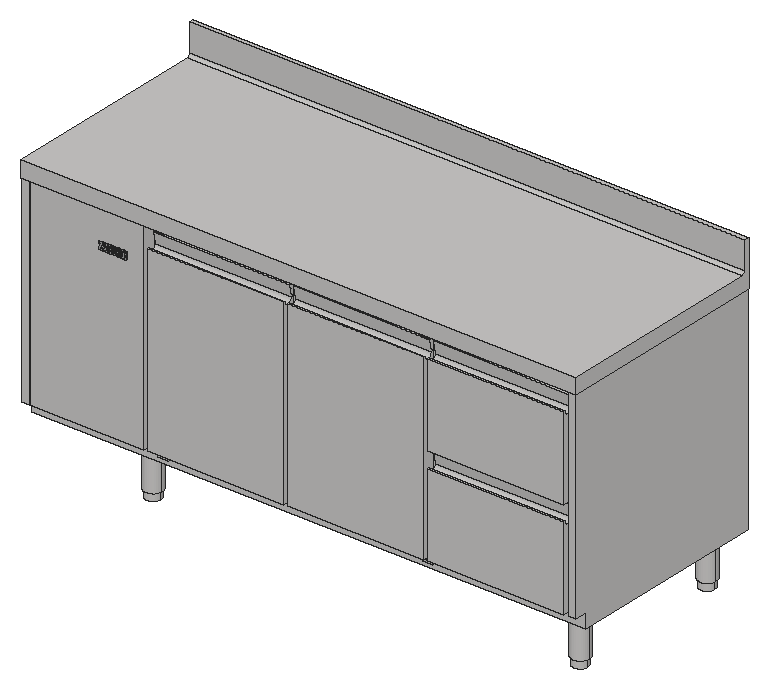
Revit family "QF_ZANUSSI_111042_ZH3H3AAB", category Specialty Equipment, Revit 2018
Family settings
  Round Connector Dimension = Use Diameter
  Part Type = Normal
  Work Plane-Based = No
  Always vertical = Yes
  Cut with Voids When Loaded = No
  Shared = No
  Room Calculation Point = No
Parameters
  Weight = 0.00 kg
  Watts = 0.0232258 W
  Volts = 220 V
  URL Manufacturer = "http://www.zanussiprofessional.com/"
  URL = "http://www.zanussiprofessional.com/"
  Steam Supply Size = 0 mm
  Steam Supply Minimum Pressure = 0.0 Pa
  Steam Supply Maximum Pressure = 0.0 Pa
  Steam Pounds per Hour = 0
  Show Logo [instance] = yes
  Show Clearance [instance] = yes
  Refrigeration Suction Line Size = 0 mm
  Refrigeration Liquid Line Size = 0 mm
  Refrigerant Compressor Remote = yes
  Manufacturer = "Zanussi"
  Phase = 1
  Model = "ZH3H3AAB"
  Length Actual = 1799 mm  # constant formula
  Item Number = "111042"
  Hot Water Size = 0 mm
  Height Actual = 1000 mm  # constant formula
  HP = "0.3 HP"
  Gas Size = 0 mm
  Gas KW = 0
  Gas Input Pressure = 0 W
  Description = "2DOORS+2DRAWERS REFR.TABLE 440L-SPLASHB"
  Depth Actual = 700 mm  # constant formula
  Cycle = 50 Hz
  Condensate Return Size = 0 mm
  Compressed Air Volume = 0.0 L/s
  Compressed Air Size = 0 mm
  Compressed Air Pressure = 0.0 Pa
  Cold Water Size = 0 mm
  Accessory = yes
Reference planes
  plane 1 "Center X": y = 182.5
  plane 2: z = 0
  plane 3 "Center Y": x = -353.5
  plane 4: y = -62.5
  plane 5: y = 451.5
  plane 6 "BACK": y = 532.5
  plane 7 "FRONT": y = -167.5
  plane 8: x = -906
  plane 9: x = 478
  plane 10: z = 150
  plane 11 "TOP": z = 900
  plane 12: z = 850
  plane 13 "LEFT": x = -1251
  plane 14 "RIGHT": x = 544
  plane 15: x = -1253
  plane 16: x = 546
Forms (mm)
  Extrusion 1, solid, material "QF_Finishes_Stainless Steel"
    sketch origin (-353.5, 2, 0) x (0, 1, 0) y (0, 0, 1)
      loop
        line (530.5, 150) -> (530.5, 850) -> (-124.5, 850) -> (-124.5, 150) -> (530.5, 150)
    from -897.5 to 897.5
  Extrusion 2, solid, material "QF_Finishes_Stainless Steel"
    sketch origin (-1022.223, -1524, 150) x (-1, 0, 0) y (0, -1, 0)
      loop
        line (228.777, -1361.5) -> (203.777, -1361.5) -> (203.777, -1401.5) -> (228.777, -1401.5) -> (228.777, -1361.5)
      loop
        line (-1566.223, -1401.5) -> (-1541.223, -1401.5) -> (-1541.223, -1361.5) -> (-1566.223, -1361.5) -> (-1566.223, -1401.5)
    from 47 to 700
  Extrusion 3, solid, material "QF_Finishes_Stainless Steel"
    sketch origin (0, 0, 900) x (-1, 0, 0) y (0, -1, 0)
      loop
        circle (170, -94.5) r 8.45
    from -790.577 to -750
  Extrusion 4, solid, material "QF_Finishes_Stainless Steel"
    sketch origin (0, 0, 0) x (1, 0, 0) y (0, 1, 0)
      loop
        circle (-1167, 451.5) r 4
    from 109.423 to 150
  Extrusion 5, solid, material "QF_Finishes_Stainless Steel"
    sketch origin (-126.5, 0, 0) x (0, 1, 0) y (0, 0, 1)
      loop
        line (-167.5, 900) -> (-167.5, 850) -> (532.5, 850) -> (532.5, 1000) -> (519.5, 1000) -> (519.5, 910)
        arc (519.5, 910) -> (516.571, 902.929) -> (509.5, 900) r 10
        line (509.5, 900) -> (-167.5, 900)
    from 672.5 to -1126.5
Cuts and joins
  joined: Extrusion 1, Extrusion 2
Lines and regions (mm)
  symbolic lines, style "SpecialityEquipmentHiddenLines"
    curve 1: line (-1253, -122.5, 900) -> (546, -122.5, 900)
    curve 2: line (-850, -167.5, 900) -> (-850, -122.5, 900)
  symbolic lines, style "SpecialityEquipment"
    curve 3: line (-1253, 532.5, 900) -> (546, 532.5, 900)
    curve 4: line (-1253, 532.5, 900) -> (-1253, -167.5, 900)
    curve 5: line (-1253, -167.5, 900) -> (546, -167.5, 900)
    curve 6: line (546, -167.5, 900) -> (546, 532.5, 900)
    curve 7: line (-1253, 519.5, 900) -> (546, 519.5, 900)
Dimensions and locks
  locked: plane 6 "BACK" to plane 7 "FRONT" at 700
  equal spacing: plane 6 "BACK", plane 1 "Center X", plane 7 "FRONT"
  locked: plane 6 "BACK" to plane 5 at 81
  plane 10 to level = 150 mm
  plane 11 "TOP" to plane 12 to plane 10 = 50 mm locked, 700 mm locked
  locked: Extrusion 2 sketch curve to Extrusion 2 sketch curve at 25  (x2)
  locked: plane 4 to plane 7 "FRONT" at 105
  locked: plane 6 "BACK" to Extrusion 3 sketch curve at 438
  equal spacing: plane 13 "LEFT", plane 3 "Center Y", plane 14 "RIGHT"
  plane 15 to plane 16 = 1799 mm
  locked: plane 13 "LEFT" to plane 8 at 345
  locked: plane 9 to plane 14 "RIGHT" at 66
  Extrusion 3 sketch curve to plane 14 "RIGHT" = 714 mm
  plane 13 "LEFT" to Extrusion 4 sketch curve = 84 mm
  locked: plane 6 "BACK" to Extrusion 4 sketch curve at 81
  locked: plane 10 to Extrusion 4 at 40.577
  aligned and locked: level to plane 2
  aligned and locked: plane 10 to Extrusion 3
  aligned and locked: nested 4 to plane 4
  aligned and locked: nested 1 to plane 4
  aligned and locked: nested 3 to plane 5
  aligned and locked: nested 2 to plane 5
  aligned and locked: plane 8 to nested 1
  aligned and locked: plane 8 to nested 2
  aligned and locked: plane 9 to nested 4
  aligned and locked: plane 9 to nested 3
  aligned and locked: Extrusion 1 to Extrusion 2
  aligned and locked: Extrusion 2 to Extrusion 1
  aligned and locked: Extrusion 2 sketch curve to plane 14 "RIGHT"
  aligned and locked: plane 13 "LEFT" to Extrusion 2 sketch curve
  aligned and locked: cut or joined group of Extrusion 1, Extrusion 2 to plane 10
  aligned and locked: plane 12 to cut or joined group of Extrusion 1, Extrusion 2
  aligned and locked: plane 10 to Extrusion 4
Automatic sketch dimensions
  plane 7 "FRONT" to Extrusion 2 sketch curve = 45 mm  (x2)
  plane 7 "FRONT" to Extrusion 2 sketch curve = 5 mm  (x2)
  Extrusion 1 sketch curve to plane 10 = 0 mm
  Extrusion 1 sketch curve to plane 12 = 0 mm
  Extrusion 1 sketch curve to plane 6 "BACK" = 0 mm
  plane 7 "FRONT" to Extrusion 1 sketch curve = 45 mm
  Extrusion 5 sketch curve to plane 7 "FRONT" = 0 mm
  Extrusion 5 sketch curve to plane 11 "TOP" = 0 mm
  Extrusion 5 sketch curve to plane 6 "BACK" = 0 mm
  Extrusion 5 sketch curve to plane 12 = 0 mm
  plane 11 "TOP" to Extrusion 5 sketch curve = 10 mm
  Extrusion 5 sketch curve to plane 6 "BACK" = 23 mm
  Extrusion 5 sketch curve to Extrusion 5 sketch curve = 90 mm
  curve 7 to plane 16 = 0 mm
  curve 2 to plane 7 "FRONT" = 0 mm
  curve 5 to plane 15 = 0 mm
  curve 3 to plane 6 "BACK" = 0 mm
  plane 8 to curve 2 = 56 mm
  curve 3 to curve 7 = 13 mm
  curve 1 to curve 4 = 45 mm
  radius of Extrusion 3 sketch curve = 8.45 mm
  radius of Extrusion 4 sketch curve = 4 mm
Nested families
  nested 1: "Foot_Ø50_H150" at (-906, -62.5, 0), type "Foot_Ø50_H150"
  nested 2: "Foot_Ø50_H150" at (-906, 451.5, 0), type "Foot_Ø50_H150"
  nested 3: "Foot_Ø50_H150" at (478, 451.5, 0), type "Foot_Ø50_H150"
  nested 4: "Foot_Ø50_H150" at (478, -62.5, 0), type "Foot_Ø50_H150"
  nested 5: "2 Drawers" at (285, -164.5, 0), Show Clearance <- "Show Clearance", type "2 Drawers"
  nested 6: "Door" at (-169, -164.5, 0), Show Clearance <- "Show Clearance", type "Door"
  nested 7: "Refrigerator" at (544, -167.5, 900), type "Refrigerator"
  nested 8: "ZAN_Cooling Unit" at (-1041.5, -164.5, 0), Show Logo <- "Show Logo", type "ZAN_Cooling Unit"
  nested 9: "Door" at (-623, -164.5, 0) x (-1, 0, 0) z (0, 0, 1), Show Clearance <- "Show Clearance", type "Door"
Connectors
  electrical at (-1167, 451.5, 109.423), driven by "Volts"
    settings: on Extrusion 4, index 4, voltage 220 V, apparent load 0 VA, apparent load phase1 0 VA, apparent load phase2 0 VA, apparent load phase3 0 VA, power factor 1, load classification "Altro", number of poles 1, system type 30, power factor state 1, is connector primary yes, connector utility no, sub classification motor no, connector description "Electrical Connection"
  piping at (-170, 94.5, 109.423), diameter 17
    settings: on Extrusion 3, index 5, connector inside diameter 609.6 mm, connector length 0 mm, flow factor 0, pipe flow 0.0 L/s, pressure drop 0.0 Pa, fitting loss kfactor 0, connector angle 0.00°, fixture units 0, engagement length 0 mm, angle of deflection 0.00°, flow configuration 1, flow direction 2, fitting loss method 0, system type 16, joint type 0, gender type 0, connector reference index -1, connector utility 0, adjustable connector no, is connector primary yes, connector description "Drain"
Definition of nested family "Foot_Ø50_H150"
  Reference planes
    plane 1 "Centro (Fronte/Retro)": y = 0
    plane 2: z = 0
    plane 3 "Centro (Sinistra/Destra)": x = 0
    plane 4: z = 150
  Forms (mm)
    Revolve 1, solid
      sketch origin (255.05, 0, 608.09) x (0, 0, 1) y (-1, 0, 0)
        loop
          line (-608.09, 255.05) -> (-608.09, 230.05) -> (-583.09, 230.05) -> (-583.09, 226.05) -> (-458.09, 226.05) -> (-458.09, 255.05) -> (-608.09, 255.05)
        axis (-608.09, 255.05) -> (-458.09, 255.05)
      angle from 0 to 360
  Dimensions and locks
    locked: Revolve 1 sketch curve to Revolve 1 sketch curve at 125
    aligned and locked: level to plane 2
    aligned and locked: plane 4 to Revolve 1 sketch curve
    aligned and locked: Revolve 1 sketch curve to level
    aligned and locked: plane 3 "Centro (Sinistra/Destra)" to Revolve 1 sketch curve
Definition of nested family "2 Drawers"
  Parameters
    Show Clearance [instance] = yes
  Reference planes
    plane 1 "FRONT": y = -3
    plane 2: z = 0
    plane 3 "Centro (Sinistra/Destra)": x = 0
    plane 4: z = 150
    plane 5: z = 850
    plane 6: x = -234
    plane 7: x = 234
    plane 8: x = -220
    plane 9: x = 220
  Forms (mm)
    Extrusion 1, solid
      sketch origin (0, 55, 511) x (0, 0, 1) y (0, -1, 0)
        loop
          line (314, 18) -> (314, 29) -> (274.395, 22.5)
          arc (274.395, 22.5) -> (260.395, 36.5) -> (274.395, 50.5) r 14
          line (274.395, 50.5) -> (274.395, 53) -> (5, 53) -> (5, 18) -> (314, 18)
        loop
          line (-5, 29) -> (-44.605, 22.5)
          arc (-44.605, 22.5) -> (-58.605, 36.5) -> (-44.605, 50.5) r 14
          line (-44.605, 50.5) -> (-44.605, 53) -> (-314, 53) -> (-314, 18) -> (-5, 18) -> (-5, 29)
      from -220 to 220
    Extrusion 2, solid, visible <- "Show Clearance", detail levels coarse
      sketch origin (0, -462, 511) x (0, 0, 1) y (0, -1, 0)
        loop
          line (-314, 109) -> (-314, -464) -> (-5, -464) -> (-5, 109) -> (-314, 109)
        loop
          line (314, -464) -> (314, 109) -> (5, 109) -> (5, -464) -> (314, -464)
      from -220 to 220
  Lines and regions (mm)
    symbolic lines
      curve 1: line (-190, -3, 0) -> (-190, -88, 0)
      curve 2: line (190, -88, 0) -> (190, -3, 0)
      curve 3: line (220, -88, 0) -> (-220, -88, 0)
      curve 4: line (-220, -88, 0) -> (-220, -123, 0)
      curve 5: line (-220, -123, 0) -> (220, -123, 0)
      curve 6: line (220, -123, 0) -> (220, -88, 0)
      curve 7: line (-190, -123, 0) -> (-190, -208, 0)
      curve 8: line (220, -208, 0) -> (-220, -208, 0)
      curve 9: line (-220, -208, 0) -> (-220, -243, 0)
      curve 10: line (-220, -243, 0) -> (220, -243, 0)
      curve 11: line (220, -243, 0) -> (220, -208, 0)
      curve 12: line (190, -208, 0) -> (190, -123, 0)
  Dimensions and locks
    aligned and locked: level to plane 2
Definition of nested family "Door"
  Parameters
    Show Clearance [instance] = yes
  Reference planes
    plane 1 "FRONT": y = -3
    plane 2: z = 0
    plane 3 "Centro (Sinistra/Destra)": x = 0
    plane 4: z = 150
    plane 5: z = 850
    plane 6: x = -234
    plane 7: x = 234
    plane 8: x = -220
    plane 9: x = 220
  Forms (mm)
    Extrusion 1, solid
      sketch origin (0, 53, 511) x (0, 0, 1) y (0, -1, 0)
        loop
          line (-323.003, 28.5) -> (-316.501, 28.5) -> (-316.501, 31) -> (-325.503, 31) -> (-325.503, 13.5) -> (-345.503, 13.5) -> (-345.503, 11) -> (-323.003, 11) -> (-323.003, 23.259) -> (-323.003, 28.5)
        loop
          line (-314, 27) -> (-316.501, 27) -> (-316.501, 18.501) -> (-319.752, 18.501) -> (-319.752, 16) -> (-314, 16) -> (-314, 27)
        loop
          line (315.003, 27) -> (315.003, 13.948) -> (315.003, 11) -> (327.503, 11) -> (327.503, 13.5) -> (317.503, 13.5) -> (317.503, 27) -> (315.003, 27)
      from 185 to 220
    Extrusion 2, solid, visible <- "Show Clearance", detail levels coarse
      sketch origin (0, 53, 511) x (0, -1, 0) y (1, 0, 0)
        loop
          line (51, 220) -> (51, -220)
          arc (51, -220) -> (339.234, -79.44) -> (454, 220) r 437.168
          line (454, 220) -> (51, 220)
      from -314 to 314
    Extrusion 3, solid
      sketch origin (0, 55, 511) x (0, 0, 1) y (0, -1, 0)
        loop
          line (314, 18) -> (314, 29) -> (274.395, 22.5)
          arc (274.395, 22.5) -> (260.395, 36.5) -> (274.395, 50.5) r 14
          line (274.395, 50.5) -> (274.395, 53) -> (-314, 53) -> (-314, 18) -> (314, 18)
      from -220 to 220
  Lines and regions (mm)
    symbolic lines
      curve 1: line (220, -3, 0) -> (220, -401, 0)
      curve 2: line (220, -401, 0) -> (185, -401, 0)
      curve 3: line (185, -401, 0) -> (185, -3, 0)
      curve 4: arc (-219.722, -3, 0) -> (-89.51, -275.368, 0) -> (185, -401, 0) r 442.855
  Dimensions and locks
    aligned and locked: level to plane 2
Definition of nested family "ZAN_Cooling Unit"
  Parameters
    Show Logo [instance] = yes
  Reference planes
    plane 1 "FRONT": y = -3
    plane 2: z = 0
    plane 3 "Centro (Sinistra/Destra)": x = 0
    plane 4: z = 150
    plane 5: z = 850
    plane 6: x = -184.5
    plane 7: x = 184.5
  Forms (mm)
    Extrusion 1, solid
      sketch origin (0, 55, 511) x (0, 0, 1) y (0, -1, 0)
        loop
          line (-314, 53) -> (-314, 13) -> (339, 13) -> (339, 53) -> (-314, 53)
      from -184.5 to 184.5
  Lines and regions (mm)
    Split face 1
      outline origin (0, 2, 197) x (0, 0, 1) y (-1, 0, 0)
        loop
          line (566.835, 184.5) -> (566.835, -184.5)
        loop
          line (521.835, 184.5) -> (521.835, -184.5)
    Split face 2
      outline origin (0, 2, 197) x (0, 0, 1) y (-1, 0, 0)
        loop
          arc (510.649, 158.547) -> (506.648, 162.548) -> (502.647, 158.547) r 4.001
          line (502.647, 158.547) -> (502.647, 116.535)
          arc (502.647, 116.535) -> (506.648, 112.533) -> (510.649, 116.535) r 4.001
          line (510.649, 116.535) -> (510.649, 158.547)
    Split face 3
      outline origin (0, 2, 184.996) x (0, 0, 1) y (-1, 0, 0)
        loop
          arc (510.649, 158.547) -> (506.648, 162.548) -> (502.647, 158.547) r 4.001
          line (502.647, 158.547) -> (502.647, 116.535)
          arc (502.647, 116.535) -> (506.648, 112.533) -> (510.649, 116.535) r 4.001
          line (510.649, 116.535) -> (510.649, 158.547)
    Split face 4
      outline origin (0, 2, 172.993) x (0, 0, 1) y (-1, 0, 0)
        loop
          arc (510.649, 158.547) -> (506.648, 162.548) -> (502.647, 158.547) r 4.001
          line (502.647, 158.547) -> (502.647, 116.535)
          arc (502.647, 116.535) -> (506.648, 112.533) -> (510.649, 116.535) r 4.001
          line (510.649, 116.535) -> (510.649, 158.547)
    Split face 5
      outline origin (0, 2, 160.989) x (0, 0, 1) y (-1, 0, 0)
        loop
          arc (510.649, 158.547) -> (506.648, 162.548) -> (502.647, 158.547) r 4.001
          line (502.647, 158.547) -> (502.647, 116.535)
          arc (502.647, 116.535) -> (506.648, 112.533) -> (510.649, 116.535) r 4.001
          line (510.649, 116.535) -> (510.649, 158.547)
    Split face 6
      outline origin (0, 2, 148.986) x (0, 0, 1) y (-1, 0, 0)
        loop
          arc (510.649, 158.547) -> (506.648, 162.548) -> (502.647, 158.547) r 4.001
          line (502.647, 158.547) -> (502.647, 116.535)
          arc (502.647, 116.535) -> (506.648, 112.533) -> (510.649, 116.535) r 4.001
          line (510.649, 116.535) -> (510.649, 158.547)
    Split face 7
      outline origin (0, 2, 136.982) x (0, 0, 1) y (-1, 0, 0)
        loop
          arc (510.649, 158.547) -> (506.648, 162.548) -> (502.647, 158.547) r 4.001
          line (502.647, 158.547) -> (502.647, 116.535)
          arc (502.647, 116.535) -> (506.648, 112.533) -> (510.649, 116.535) r 4.001
          line (510.649, 116.535) -> (510.649, 158.547)
    Split face 8
      outline origin (0, 2, 124.979) x (0, 0, 1) y (-1, 0, 0)
        loop
          arc (510.649, 158.547) -> (506.648, 162.548) -> (502.647, 158.547) r 4.001
          line (502.647, 158.547) -> (502.647, 116.535)
          arc (502.647, 116.535) -> (506.648, 112.533) -> (510.649, 116.535) r 4.001
          line (510.649, 116.535) -> (510.649, 158.547)
    Split face 9
      outline origin (0, 2, 112.975) x (0, 0, 1) y (-1, 0, 0)
        loop
          arc (510.649, 158.547) -> (506.648, 162.548) -> (502.647, 158.547) r 4.001
          line (502.647, 158.547) -> (502.647, 116.535)
          arc (502.647, 116.535) -> (506.648, 112.533) -> (510.649, 116.535) r 4.001
          line (510.649, 116.535) -> (510.649, 158.547)
    Split face 10
      outline origin (0, 2, 100.972) x (0, 0, 1) y (-1, 0, 0)
        loop
          arc (510.649, 158.547) -> (506.648, 162.548) -> (502.647, 158.547) r 4.001
          line (502.647, 158.547) -> (502.647, 116.535)
          arc (502.647, 116.535) -> (506.648, 112.533) -> (510.649, 116.535) r 4.001
          line (510.649, 116.535) -> (510.649, 158.547)
    Split face 11
      outline origin (0, 2, 88.968) x (0, 0, 1) y (-1, 0, 0)
        loop
          arc (510.649, 158.547) -> (506.648, 162.548) -> (502.647, 158.547) r 4.001
          line (502.647, 158.547) -> (502.647, 116.535)
          arc (502.647, 116.535) -> (506.648, 112.533) -> (510.649, 116.535) r 4.001
          line (510.649, 116.535) -> (510.649, 158.547)
    Split face 12
      outline origin (0, 2, 76.965) x (0, 0, 1) y (-1, 0, 0)
        loop
          arc (510.649, 158.547) -> (506.648, 162.548) -> (502.647, 158.547) r 4.001
          line (502.647, 158.547) -> (502.647, 116.535)
          arc (502.647, 116.535) -> (506.648, 112.533) -> (510.649, 116.535) r 4.001
          line (510.649, 116.535) -> (510.649, 158.547)
    Split face 13
      outline origin (0, 2, 64.961) x (0, 0, 1) y (-1, 0, 0)
        loop
          arc (510.649, 158.547) -> (506.648, 162.548) -> (502.647, 158.547) r 4.001
          line (502.647, 158.547) -> (502.647, 116.535)
          arc (502.647, 116.535) -> (506.648, 112.533) -> (510.649, 116.535) r 4.001
          line (510.649, 116.535) -> (510.649, 158.547)
    Split face 14
      outline origin (0, 2, 52.958) x (0, 0, 1) y (-1, 0, 0)
        loop
          arc (510.649, 158.547) -> (506.648, 162.548) -> (502.647, 158.547) r 4.001
          line (502.647, 158.547) -> (502.647, 116.535)
          arc (502.647, 116.535) -> (506.648, 112.533) -> (510.649, 116.535) r 4.001
          line (510.649, 116.535) -> (510.649, 158.547)
    Split face 15
      outline origin (0, 2, 40.954) x (0, 0, 1) y (-1, 0, 0)
        loop
          arc (510.649, 158.547) -> (506.648, 162.548) -> (502.647, 158.547) r 4.001
          line (502.647, 158.547) -> (502.647, 116.535)
          arc (502.647, 116.535) -> (506.648, 112.533) -> (510.649, 116.535) r 4.001
          line (510.649, 116.535) -> (510.649, 158.547)
    Split face 16
      outline origin (0, 2, 28.951) x (0, 0, 1) y (-1, 0, 0)
        loop
          arc (510.649, 158.547) -> (506.648, 162.548) -> (502.647, 158.547) r 4.001
          line (502.647, 158.547) -> (502.647, 116.535)
          arc (502.647, 116.535) -> (506.648, 112.533) -> (510.649, 116.535) r 4.001
          line (510.649, 116.535) -> (510.649, 158.547)
    Split face 17
      outline origin (0, 2, 16.947) x (0, 0, 1) y (-1, 0, 0)
        loop
          arc (510.649, 158.547) -> (506.648, 162.548) -> (502.647, 158.547) r 4.001
          line (502.647, 158.547) -> (502.647, 116.535)
          arc (502.647, 116.535) -> (506.648, 112.533) -> (510.649, 116.535) r 4.001
          line (510.649, 116.535) -> (510.649, 158.547)
    Split face 18
      outline origin (55.016, 2, 197) x (0, 0, 1) y (-1, 0, 0)
        loop
          arc (510.649, 158.547) -> (506.648, 162.548) -> (502.647, 158.547) r 4.001
          line (502.647, 158.547) -> (502.647, 116.535)
          arc (502.647, 116.535) -> (506.648, 112.533) -> (510.649, 116.535) r 4.001
          line (510.649, 116.535) -> (510.649, 158.547)
    Split face 19
      outline origin (55.016, 2, 184.996) x (0, 0, 1) y (-1, 0, 0)
        loop
          arc (510.649, 158.547) -> (506.648, 162.548) -> (502.647, 158.547) r 4.001
          line (502.647, 158.547) -> (502.647, 116.535)
          arc (502.647, 116.535) -> (506.648, 112.533) -> (510.649, 116.535) r 4.001
          line (510.649, 116.535) -> (510.649, 158.547)
    Split face 20
      outline origin (55.016, 2, 172.993) x (0, 0, 1) y (-1, 0, 0)
        loop
          arc (510.649, 158.547) -> (506.648, 162.548) -> (502.647, 158.547) r 4.001
          line (502.647, 158.547) -> (502.647, 116.535)
          arc (502.647, 116.535) -> (506.648, 112.533) -> (510.649, 116.535) r 4.001
          line (510.649, 116.535) -> (510.649, 158.547)
    Split face 21
      outline origin (55.016, 2, 160.989) x (0, 0, 1) y (-1, 0, 0)
        loop
          arc (510.649, 158.547) -> (506.648, 162.548) -> (502.647, 158.547) r 4.001
          line (502.647, 158.547) -> (502.647, 116.535)
          arc (502.647, 116.535) -> (506.648, 112.533) -> (510.649, 116.535) r 4.001
          line (510.649, 116.535) -> (510.649, 158.547)
    Split face 22
      outline origin (55.016, 2, 148.986) x (0, 0, 1) y (-1, 0, 0)
        loop
          arc (510.649, 158.547) -> (506.648, 162.548) -> (502.647, 158.547) r 4.001
          line (502.647, 158.547) -> (502.647, 116.535)
          arc (502.647, 116.535) -> (506.648, 112.533) -> (510.649, 116.535) r 4.001
          line (510.649, 116.535) -> (510.649, 158.547)
    Split face 23
      outline origin (55.016, 2, 136.982) x (0, 0, 1) y (-1, 0, 0)
        loop
          arc (510.649, 158.547) -> (506.648, 162.548) -> (502.647, 158.547) r 4.001
          line (502.647, 158.547) -> (502.647, 116.535)
          arc (502.647, 116.535) -> (506.648, 112.533) -> (510.649, 116.535) r 4.001
          line (510.649, 116.535) -> (510.649, 158.547)
    Split face 24
      outline origin (55.016, 2, 124.979) x (0, 0, 1) y (-1, 0, 0)
        loop
          arc (510.649, 158.547) -> (506.648, 162.548) -> (502.647, 158.547) r 4.001
          line (502.647, 158.547) -> (502.647, 116.535)
          arc (502.647, 116.535) -> (506.648, 112.533) -> (510.649, 116.535) r 4.001
          line (510.649, 116.535) -> (510.649, 158.547)
    Split face 25
      outline origin (55.016, 2, 112.975) x (0, 0, 1) y (-1, 0, 0)
        loop
          arc (510.649, 158.547) -> (506.648, 162.548) -> (502.647, 158.547) r 4.001
          line (502.647, 158.547) -> (502.647, 116.535)
          arc (502.647, 116.535) -> (506.648, 112.533) -> (510.649, 116.535) r 4.001
          line (510.649, 116.535) -> (510.649, 158.547)
    Split face 26
      outline origin (55.016, 2, 100.972) x (0, 0, 1) y (-1, 0, 0)
        loop
          arc (510.649, 158.547) -> (506.648, 162.548) -> (502.647, 158.547) r 4.001
          line (502.647, 158.547) -> (502.647, 116.535)
          arc (502.647, 116.535) -> (506.648, 112.533) -> (510.649, 116.535) r 4.001
          line (510.649, 116.535) -> (510.649, 158.547)
    Split face 27
      outline origin (55.016, 2, 88.968) x (0, 0, 1) y (-1, 0, 0)
        loop
          arc (510.649, 158.547) -> (506.648, 162.548) -> (502.647, 158.547) r 4.001
          line (502.647, 158.547) -> (502.647, 116.535)
          arc (502.647, 116.535) -> (506.648, 112.533) -> (510.649, 116.535) r 4.001
          line (510.649, 116.535) -> (510.649, 158.547)
    Split face 28
      outline origin (55.016, 2, 76.965) x (0, 0, 1) y (-1, 0, 0)
        loop
          arc (510.649, 158.547) -> (506.648, 162.548) -> (502.647, 158.547) r 4.001
          line (502.647, 158.547) -> (502.647, 116.535)
          arc (502.647, 116.535) -> (506.648, 112.533) -> (510.649, 116.535) r 4.001
          line (510.649, 116.535) -> (510.649, 158.547)
    Split face 29
      outline origin (55.016, 2, 64.961) x (0, 0, 1) y (-1, 0, 0)
        loop
          arc (510.649, 158.547) -> (506.648, 162.548) -> (502.647, 158.547) r 4.001
          line (502.647, 158.547) -> (502.647, 116.535)
          arc (502.647, 116.535) -> (506.648, 112.533) -> (510.649, 116.535) r 4.001
          line (510.649, 116.535) -> (510.649, 158.547)
    Split face 30
      outline origin (55.016, 2, 52.958) x (0, 0, 1) y (-1, 0, 0)
        loop
          arc (510.649, 158.547) -> (506.648, 162.548) -> (502.647, 158.547) r 4.001
          line (502.647, 158.547) -> (502.647, 116.535)
          arc (502.647, 116.535) -> (506.648, 112.533) -> (510.649, 116.535) r 4.001
          line (510.649, 116.535) -> (510.649, 158.547)
    Split face 31
      outline origin (55.016, 2, 40.954) x (0, 0, 1) y (-1, 0, 0)
        loop
          arc (510.649, 158.547) -> (506.648, 162.548) -> (502.647, 158.547) r 4.001
          line (502.647, 158.547) -> (502.647, 116.535)
          arc (502.647, 116.535) -> (506.648, 112.533) -> (510.649, 116.535) r 4.001
          line (510.649, 116.535) -> (510.649, 158.547)
    Split face 32
      outline origin (55.016, 2, 28.951) x (0, 0, 1) y (-1, 0, 0)
        loop
          arc (510.649, 158.547) -> (506.648, 162.548) -> (502.647, 158.547) r 4.001
          line (502.647, 158.547) -> (502.647, 116.535)
          arc (502.647, 116.535) -> (506.648, 112.533) -> (510.649, 116.535) r 4.001
          line (510.649, 116.535) -> (510.649, 158.547)
    Split face 33
      outline origin (55.016, 2, 16.947) x (0, 0, 1) y (-1, 0, 0)
        loop
          arc (510.649, 158.547) -> (506.648, 162.548) -> (502.647, 158.547) r 4.001
          line (502.647, 158.547) -> (502.647, 116.535)
          arc (502.647, 116.535) -> (506.648, 112.533) -> (510.649, 116.535) r 4.001
          line (510.649, 116.535) -> (510.649, 158.547)
    Split face 34
      outline origin (110.032, 2, 197) x (0, 0, 1) y (-1, 0, 0)
        loop
          arc (510.649, 158.547) -> (506.648, 162.548) -> (502.647, 158.547) r 4.001
          line (502.647, 158.547) -> (502.647, 116.535)
          arc (502.647, 116.535) -> (506.648, 112.533) -> (510.649, 116.535) r 4.001
          line (510.649, 116.535) -> (510.649, 158.547)
    Split face 35
      outline origin (110.032, 2, 184.996) x (0, 0, 1) y (-1, 0, 0)
        loop
          arc (510.649, 158.547) -> (506.648, 162.548) -> (502.647, 158.547) r 4.001
          line (502.647, 158.547) -> (502.647, 116.535)
          arc (502.647, 116.535) -> (506.648, 112.533) -> (510.649, 116.535) r 4.001
          line (510.649, 116.535) -> (510.649, 158.547)
    Split face 36
      outline origin (110.032, 2, 172.993) x (0, 0, 1) y (-1, 0, 0)
        loop
          arc (510.649, 158.547) -> (506.648, 162.548) -> (502.647, 158.547) r 4.001
          line (502.647, 158.547) -> (502.647, 116.535)
          arc (502.647, 116.535) -> (506.648, 112.533) -> (510.649, 116.535) r 4.001
          line (510.649, 116.535) -> (510.649, 158.547)
    Split face 37
      outline origin (110.032, 2, 160.989) x (0, 0, 1) y (-1, 0, 0)
        loop
          arc (510.649, 158.547) -> (506.648, 162.548) -> (502.647, 158.547) r 4.001
          line (502.647, 158.547) -> (502.647, 116.535)
          arc (502.647, 116.535) -> (506.648, 112.533) -> (510.649, 116.535) r 4.001
          line (510.649, 116.535) -> (510.649, 158.547)
    Split face 38
      outline origin (110.032, 2, 148.986) x (0, 0, 1) y (-1, 0, 0)
        loop
          arc (510.649, 158.547) -> (506.648, 162.548) -> (502.647, 158.547) r 4.001
          line (502.647, 158.547) -> (502.647, 116.535)
          arc (502.647, 116.535) -> (506.648, 112.533) -> (510.649, 116.535) r 4.001
          line (510.649, 116.535) -> (510.649, 158.547)
    Split face 39
      outline origin (110.032, 2, 136.982) x (0, 0, 1) y (-1, 0, 0)
        loop
          arc (510.649, 158.547) -> (506.648, 162.548) -> (502.647, 158.547) r 4.001
          line (502.647, 158.547) -> (502.647, 116.535)
          arc (502.647, 116.535) -> (506.648, 112.533) -> (510.649, 116.535) r 4.001
          line (510.649, 116.535) -> (510.649, 158.547)
    Split face 40
      outline origin (110.032, 2, 124.979) x (0, 0, 1) y (-1, 0, 0)
        loop
          arc (510.649, 158.547) -> (506.648, 162.548) -> (502.647, 158.547) r 4.001
          line (502.647, 158.547) -> (502.647, 116.535)
          arc (502.647, 116.535) -> (506.648, 112.533) -> (510.649, 116.535) r 4.001
          line (510.649, 116.535) -> (510.649, 158.547)
    Split face 41
      outline origin (110.032, 2, 112.975) x (0, 0, 1) y (-1, 0, 0)
        loop
          arc (510.649, 158.547) -> (506.648, 162.548) -> (502.647, 158.547) r 4.001
          line (502.647, 158.547) -> (502.647, 116.535)
          arc (502.647, 116.535) -> (506.648, 112.533) -> (510.649, 116.535) r 4.001
          line (510.649, 116.535) -> (510.649, 158.547)
    Split face 42
      outline origin (110.032, 2, 100.972) x (0, 0, 1) y (-1, 0, 0)
        loop
          arc (510.649, 158.547) -> (506.648, 162.548) -> (502.647, 158.547) r 4.001
          line (502.647, 158.547) -> (502.647, 116.535)
          arc (502.647, 116.535) -> (506.648, 112.533) -> (510.649, 116.535) r 4.001
          line (510.649, 116.535) -> (510.649, 158.547)
    Split face 43
      outline origin (110.032, 2, 88.968) x (0, 0, 1) y (-1, 0, 0)
        loop
          arc (510.649, 158.547) -> (506.648, 162.548) -> (502.647, 158.547) r 4.001
          line (502.647, 158.547) -> (502.647, 116.535)
          arc (502.647, 116.535) -> (506.648, 112.533) -> (510.649, 116.535) r 4.001
          line (510.649, 116.535) -> (510.649, 158.547)
    Split face 44
      outline origin (110.032, 2, 76.965) x (0, 0, 1) y (-1, 0, 0)
        loop
          arc (510.649, 158.547) -> (506.648, 162.548) -> (502.647, 158.547) r 4.001
          line (502.647, 158.547) -> (502.647, 116.535)
          arc (502.647, 116.535) -> (506.648, 112.533) -> (510.649, 116.535) r 4.001
          line (510.649, 116.535) -> (510.649, 158.547)
    Split face 45
      outline origin (110.032, 2, 64.961) x (0, 0, 1) y (-1, 0, 0)
        loop
          arc (510.649, 158.547) -> (506.648, 162.548) -> (502.647, 158.547) r 4.001
          line (502.647, 158.547) -> (502.647, 116.535)
          arc (502.647, 116.535) -> (506.648, 112.533) -> (510.649, 116.535) r 4.001
          line (510.649, 116.535) -> (510.649, 158.547)
    Split face 46
      outline origin (110.032, 2, 52.958) x (0, 0, 1) y (-1, 0, 0)
        loop
          arc (510.649, 158.547) -> (506.648, 162.548) -> (502.647, 158.547) r 4.001
          line (502.647, 158.547) -> (502.647, 116.535)
          arc (502.647, 116.535) -> (506.648, 112.533) -> (510.649, 116.535) r 4.001
          line (510.649, 116.535) -> (510.649, 158.547)
    Split face 47
      outline origin (110.032, 2, 40.954) x (0, 0, 1) y (-1, 0, 0)
        loop
          arc (510.649, 158.547) -> (506.648, 162.548) -> (502.647, 158.547) r 4.001
          line (502.647, 158.547) -> (502.647, 116.535)
          arc (502.647, 116.535) -> (506.648, 112.533) -> (510.649, 116.535) r 4.001
          line (510.649, 116.535) -> (510.649, 158.547)
    Split face 48
      outline origin (110.032, 2, 28.951) x (0, 0, 1) y (-1, 0, 0)
        loop
          arc (510.649, 158.547) -> (506.648, 162.548) -> (502.647, 158.547) r 4.001
          line (502.647, 158.547) -> (502.647, 116.535)
          arc (502.647, 116.535) -> (506.648, 112.533) -> (510.649, 116.535) r 4.001
          line (510.649, 116.535) -> (510.649, 158.547)
    Split face 49
      outline origin (110.032, 2, 16.947) x (0, 0, 1) y (-1, 0, 0)
        loop
          arc (510.649, 158.547) -> (506.648, 162.548) -> (502.647, 158.547) r 4.001
          line (502.647, 158.547) -> (502.647, 116.535)
          arc (502.647, 116.535) -> (506.648, 112.533) -> (510.649, 116.535) r 4.001
          line (510.649, 116.535) -> (510.649, 158.547)
    Split face 50
      outline origin (165.048, 2, 197) x (0, 0, 1) y (-1, 0, 0)
        loop
          arc (510.649, 158.547) -> (506.648, 162.548) -> (502.647, 158.547) r 4.001
          line (502.647, 158.547) -> (502.647, 116.535)
          arc (502.647, 116.535) -> (506.648, 112.533) -> (510.649, 116.535) r 4.001
          line (510.649, 116.535) -> (510.649, 158.547)
    Split face 51
      outline origin (165.048, 2, 184.996) x (0, 0, 1) y (-1, 0, 0)
        loop
          arc (510.649, 158.547) -> (506.648, 162.548) -> (502.647, 158.547) r 4.001
          line (502.647, 158.547) -> (502.647, 116.535)
          arc (502.647, 116.535) -> (506.648, 112.533) -> (510.649, 116.535) r 4.001
          line (510.649, 116.535) -> (510.649, 158.547)
    Split face 52
      outline origin (165.048, 2, 172.993) x (0, 0, 1) y (-1, 0, 0)
        loop
          arc (510.649, 158.547) -> (506.648, 162.548) -> (502.647, 158.547) r 4.001
          line (502.647, 158.547) -> (502.647, 116.535)
          arc (502.647, 116.535) -> (506.648, 112.533) -> (510.649, 116.535) r 4.001
          line (510.649, 116.535) -> (510.649, 158.547)
    Split face 53
      outline origin (165.048, 2, 160.989) x (0, 0, 1) y (-1, 0, 0)
        loop
          arc (510.649, 158.547) -> (506.648, 162.548) -> (502.647, 158.547) r 4.001
          line (502.647, 158.547) -> (502.647, 116.535)
          arc (502.647, 116.535) -> (506.648, 112.533) -> (510.649, 116.535) r 4.001
          line (510.649, 116.535) -> (510.649, 158.547)
    Split face 54
      outline origin (165.048, 2, 148.986) x (0, 0, 1) y (-1, 0, 0)
        loop
          arc (510.649, 158.547) -> (506.648, 162.548) -> (502.647, 158.547) r 4.001
          line (502.647, 158.547) -> (502.647, 116.535)
          arc (502.647, 116.535) -> (506.648, 112.533) -> (510.649, 116.535) r 4.001
          line (510.649, 116.535) -> (510.649, 158.547)
    Split face 55
      outline origin (165.048, 2, 136.982) x (0, 0, 1) y (-1, 0, 0)
        loop
          arc (510.649, 158.547) -> (506.648, 162.548) -> (502.647, 158.547) r 4.001
          line (502.647, 158.547) -> (502.647, 116.535)
          arc (502.647, 116.535) -> (506.648, 112.533) -> (510.649, 116.535) r 4.001
          line (510.649, 116.535) -> (510.649, 158.547)
    Split face 56
      outline origin (165.048, 2, 124.979) x (0, 0, 1) y (-1, 0, 0)
        loop
          arc (510.649, 158.547) -> (506.648, 162.548) -> (502.647, 158.547) r 4.001
          line (502.647, 158.547) -> (502.647, 116.535)
          arc (502.647, 116.535) -> (506.648, 112.533) -> (510.649, 116.535) r 4.001
          line (510.649, 116.535) -> (510.649, 158.547)
    Split face 57
      outline origin (165.048, 2, 112.975) x (0, 0, 1) y (-1, 0, 0)
        loop
          arc (510.649, 158.547) -> (506.648, 162.548) -> (502.647, 158.547) r 4.001
          line (502.647, 158.547) -> (502.647, 116.535)
          arc (502.647, 116.535) -> (506.648, 112.533) -> (510.649, 116.535) r 4.001
          line (510.649, 116.535) -> (510.649, 158.547)
    Split face 58
      outline origin (165.048, 2, 100.972) x (0, 0, 1) y (-1, 0, 0)
        loop
          arc (510.649, 158.547) -> (506.648, 162.548) -> (502.647, 158.547) r 4.001
          line (502.647, 158.547) -> (502.647, 116.535)
          arc (502.647, 116.535) -> (506.648, 112.533) -> (510.649, 116.535) r 4.001
          line (510.649, 116.535) -> (510.649, 158.547)
    Split face 59
      outline origin (165.048, 2, 88.968) x (0, 0, 1) y (-1, 0, 0)
        loop
          arc (510.649, 158.547) -> (506.648, 162.548) -> (502.647, 158.547) r 4.001
          line (502.647, 158.547) -> (502.647, 116.535)
          arc (502.647, 116.535) -> (506.648, 112.533) -> (510.649, 116.535) r 4.001
          line (510.649, 116.535) -> (510.649, 158.547)
    Split face 60
      outline origin (165.048, 2, 76.965) x (0, 0, 1) y (-1, 0, 0)
        loop
          arc (510.649, 158.547) -> (506.648, 162.548) -> (502.647, 158.547) r 4.001
          line (502.647, 158.547) -> (502.647, 116.535)
          arc (502.647, 116.535) -> (506.648, 112.533) -> (510.649, 116.535) r 4.001
          line (510.649, 116.535) -> (510.649, 158.547)
    Split face 61
      outline origin (165.048, 2, 64.961) x (0, 0, 1) y (-1, 0, 0)
        loop
          arc (510.649, 158.547) -> (506.648, 162.548) -> (502.647, 158.547) r 4.001
          line (502.647, 158.547) -> (502.647, 116.535)
          arc (502.647, 116.535) -> (506.648, 112.533) -> (510.649, 116.535) r 4.001
          line (510.649, 116.535) -> (510.649, 158.547)
    Split face 62
      outline origin (165.048, 2, 52.958) x (0, 0, 1) y (-1, 0, 0)
        loop
          arc (510.649, 158.547) -> (506.648, 162.548) -> (502.647, 158.547) r 4.001
          line (502.647, 158.547) -> (502.647, 116.535)
          arc (502.647, 116.535) -> (506.648, 112.533) -> (510.649, 116.535) r 4.001
          line (510.649, 116.535) -> (510.649, 158.547)
    Split face 63
      outline origin (165.048, 2, 40.954) x (0, 0, 1) y (-1, 0, 0)
        loop
          arc (510.649, 158.547) -> (506.648, 162.548) -> (502.647, 158.547) r 4.001
          line (502.647, 158.547) -> (502.647, 116.535)
          arc (502.647, 116.535) -> (506.648, 112.533) -> (510.649, 116.535) r 4.001
          line (510.649, 116.535) -> (510.649, 158.547)
    Split face 64
      outline origin (165.048, 2, 28.951) x (0, 0, 1) y (-1, 0, 0)
        loop
          arc (510.649, 158.547) -> (506.648, 162.548) -> (502.647, 158.547) r 4.001
          line (502.647, 158.547) -> (502.647, 116.535)
          arc (502.647, 116.535) -> (506.648, 112.533) -> (510.649, 116.535) r 4.001
          line (510.649, 116.535) -> (510.649, 158.547)
    Split face 65
      outline origin (165.048, 2, 16.947) x (0, 0, 1) y (-1, 0, 0)
        loop
          arc (510.649, 158.547) -> (506.648, 162.548) -> (502.647, 158.547) r 4.001
          line (502.647, 158.547) -> (502.647, 116.535)
          arc (502.647, 116.535) -> (506.648, 112.533) -> (510.649, 116.535) r 4.001
          line (510.649, 116.535) -> (510.649, 158.547)
    Split face 66
      outline origin (220.064, 2, 197) x (0, 0, 1) y (-1, 0, 0)
        loop
          arc (510.649, 158.547) -> (506.648, 162.548) -> (502.647, 158.547) r 4.001
          line (502.647, 158.547) -> (502.647, 116.535)
          arc (502.647, 116.535) -> (506.648, 112.533) -> (510.649, 116.535) r 4.001
          line (510.649, 116.535) -> (510.649, 158.547)
    Split face 67
      outline origin (220.064, 2, 184.996) x (0, 0, 1) y (-1, 0, 0)
        loop
          arc (510.649, 158.547) -> (506.648, 162.548) -> (502.647, 158.547) r 4.001
          line (502.647, 158.547) -> (502.647, 116.535)
          arc (502.647, 116.535) -> (506.648, 112.533) -> (510.649, 116.535) r 4.001
          line (510.649, 116.535) -> (510.649, 158.547)
    Split face 68
      outline origin (220.064, 2, 172.993) x (0, 0, 1) y (-1, 0, 0)
        loop
          arc (510.649, 158.547) -> (506.648, 162.548) -> (502.647, 158.547) r 4.001
          line (502.647, 158.547) -> (502.647, 116.535)
          arc (502.647, 116.535) -> (506.648, 112.533) -> (510.649, 116.535) r 4.001
          line (510.649, 116.535) -> (510.649, 158.547)
    Split face 69
      outline origin (220.064, 2, 160.989) x (0, 0, 1) y (-1, 0, 0)
        loop
          arc (510.649, 158.547) -> (506.648, 162.548) -> (502.647, 158.547) r 4.001
          line (502.647, 158.547) -> (502.647, 116.535)
          arc (502.647, 116.535) -> (506.648, 112.533) -> (510.649, 116.535) r 4.001
          line (510.649, 116.535) -> (510.649, 158.547)
    Split face 70
      outline origin (220.064, 2, 148.986) x (0, 0, 1) y (-1, 0, 0)
        loop
          arc (510.649, 158.547) -> (506.648, 162.548) -> (502.647, 158.547) r 4.001
          line (502.647, 158.547) -> (502.647, 116.535)
          arc (502.647, 116.535) -> (506.648, 112.533) -> (510.649, 116.535) r 4.001
          line (510.649, 116.535) -> (510.649, 158.547)
    Split face 71
      outline origin (220.064, 2, 136.982) x (0, 0, 1) y (-1, 0, 0)
        loop
          arc (510.649, 158.547) -> (506.648, 162.548) -> (502.647, 158.547) r 4.001
          line (502.647, 158.547) -> (502.647, 116.535)
          arc (502.647, 116.535) -> (506.648, 112.533) -> (510.649, 116.535) r 4.001
          line (510.649, 116.535) -> (510.649, 158.547)
    Split face 72
      outline origin (220.064, 2, 124.979) x (0, 0, 1) y (-1, 0, 0)
        loop
          arc (510.649, 158.547) -> (506.648, 162.548) -> (502.647, 158.547) r 4.001
          line (502.647, 158.547) -> (502.647, 116.535)
          arc (502.647, 116.535) -> (506.648, 112.533) -> (510.649, 116.535) r 4.001
          line (510.649, 116.535) -> (510.649, 158.547)
    Split face 73
      outline origin (220.064, 2, 112.975) x (0, 0, 1) y (-1, 0, 0)
        loop
          arc (510.649, 158.547) -> (506.648, 162.548) -> (502.647, 158.547) r 4.001
          line (502.647, 158.547) -> (502.647, 116.535)
          arc (502.647, 116.535) -> (506.648, 112.533) -> (510.649, 116.535) r 4.001
          line (510.649, 116.535) -> (510.649, 158.547)
    Split face 74
      outline origin (220.064, 2, 100.972) x (0, 0, 1) y (-1, 0, 0)
        loop
          arc (510.649, 158.547) -> (506.648, 162.548) -> (502.647, 158.547) r 4.001
          line (502.647, 158.547) -> (502.647, 116.535)
          arc (502.647, 116.535) -> (506.648, 112.533) -> (510.649, 116.535) r 4.001
          line (510.649, 116.535) -> (510.649, 158.547)
    Split face 75
      outline origin (220.064, 2, 88.968) x (0, 0, 1) y (-1, 0, 0)
        loop
          arc (510.649, 158.547) -> (506.648, 162.548) -> (502.647, 158.547) r 4.001
          line (502.647, 158.547) -> (502.647, 116.535)
          arc (502.647, 116.535) -> (506.648, 112.533) -> (510.649, 116.535) r 4.001
          line (510.649, 116.535) -> (510.649, 158.547)
    Split face 76
      outline origin (220.064, 2, 76.965) x (0, 0, 1) y (-1, 0, 0)
        loop
          arc (510.649, 158.547) -> (506.648, 162.548) -> (502.647, 158.547) r 4.001
          line (502.647, 158.547) -> (502.647, 116.535)
          arc (502.647, 116.535) -> (506.648, 112.533) -> (510.649, 116.535) r 4.001
          line (510.649, 116.535) -> (510.649, 158.547)
    Split face 77
      outline origin (220.064, 2, 64.961) x (0, 0, 1) y (-1, 0, 0)
        loop
          arc (510.649, 158.547) -> (506.648, 162.548) -> (502.647, 158.547) r 4.001
          line (502.647, 158.547) -> (502.647, 116.535)
          arc (502.647, 116.535) -> (506.648, 112.533) -> (510.649, 116.535) r 4.001
          line (510.649, 116.535) -> (510.649, 158.547)
    Split face 78
      outline origin (220.064, 2, 52.958) x (0, 0, 1) y (-1, 0, 0)
        loop
          arc (510.649, 158.547) -> (506.648, 162.548) -> (502.647, 158.547) r 4.001
          line (502.647, 158.547) -> (502.647, 116.535)
          arc (502.647, 116.535) -> (506.648, 112.533) -> (510.649, 116.535) r 4.001
          line (510.649, 116.535) -> (510.649, 158.547)
    Split face 79
      outline origin (220.064, 2, 40.954) x (0, 0, 1) y (-1, 0, 0)
        loop
          arc (510.649, 158.547) -> (506.648, 162.548) -> (502.647, 158.547) r 4.001
          line (502.647, 158.547) -> (502.647, 116.535)
          arc (502.647, 116.535) -> (506.648, 112.533) -> (510.649, 116.535) r 4.001
          line (510.649, 116.535) -> (510.649, 158.547)
    Split face 80
      outline origin (220.064, 2, 28.951) x (0, 0, 1) y (-1, 0, 0)
        loop
          arc (510.649, 158.547) -> (506.648, 162.548) -> (502.647, 158.547) r 4.001
          line (502.647, 158.547) -> (502.647, 116.535)
          arc (502.647, 116.535) -> (506.648, 112.533) -> (510.649, 116.535) r 4.001
          line (510.649, 116.535) -> (510.649, 158.547)
    Split face 81
      outline origin (220.064, 2, 16.947) x (0, 0, 1) y (-1, 0, 0)
        loop
          arc (510.649, 158.547) -> (506.648, 162.548) -> (502.647, 158.547) r 4.001
          line (502.647, 158.547) -> (502.647, 116.535)
          arc (502.647, 116.535) -> (506.648, 112.533) -> (510.649, 116.535) r 4.001
          line (510.649, 116.535) -> (510.649, 158.547)
    Split face 82
      outline origin (275.081, 2, 197) x (0, 0, 1) y (-1, 0, 0)
        loop
          arc (510.649, 158.547) -> (506.648, 162.548) -> (502.647, 158.547) r 4.001
          line (502.647, 158.547) -> (502.647, 116.535)
          arc (502.647, 116.535) -> (506.648, 112.533) -> (510.649, 116.535) r 4.001
          line (510.649, 116.535) -> (510.649, 158.547)
    Split face 83
      outline origin (275.081, 2, 184.996) x (0, 0, 1) y (-1, 0, 0)
        loop
          arc (510.649, 158.547) -> (506.648, 162.548) -> (502.647, 158.547) r 4.001
          line (502.647, 158.547) -> (502.647, 116.535)
          arc (502.647, 116.535) -> (506.648, 112.533) -> (510.649, 116.535) r 4.001
          line (510.649, 116.535) -> (510.649, 158.547)
    Split face 84
      outline origin (275.081, 2, 172.993) x (0, 0, 1) y (-1, 0, 0)
        loop
          arc (510.649, 158.547) -> (506.648, 162.548) -> (502.647, 158.547) r 4.001
          line (502.647, 158.547) -> (502.647, 116.535)
          arc (502.647, 116.535) -> (506.648, 112.533) -> (510.649, 116.535) r 4.001
          line (510.649, 116.535) -> (510.649, 158.547)
    Split face 85
      outline origin (275.081, 2, 160.989) x (0, 0, 1) y (-1, 0, 0)
        loop
          arc (510.649, 158.547) -> (506.648, 162.548) -> (502.647, 158.547) r 4.001
          line (502.647, 158.547) -> (502.647, 116.535)
          arc (502.647, 116.535) -> (506.648, 112.533) -> (510.649, 116.535) r 4.001
          line (510.649, 116.535) -> (510.649, 158.547)
    Split face 86
      outline origin (275.081, 2, 148.986) x (0, 0, 1) y (-1, 0, 0)
        loop
          arc (510.649, 158.547) -> (506.648, 162.548) -> (502.647, 158.547) r 4.001
          line (502.647, 158.547) -> (502.647, 116.535)
          arc (502.647, 116.535) -> (506.648, 112.533) -> (510.649, 116.535) r 4.001
          line (510.649, 116.535) -> (510.649, 158.547)
    Split face 87
      outline origin (275.081, 2, 136.982) x (0, 0, 1) y (-1, 0, 0)
        loop
          arc (510.649, 158.547) -> (506.648, 162.548) -> (502.647, 158.547) r 4.001
          line (502.647, 158.547) -> (502.647, 116.535)
          arc (502.647, 116.535) -> (506.648, 112.533) -> (510.649, 116.535) r 4.001
          line (510.649, 116.535) -> (510.649, 158.547)
    Split face 88
      outline origin (275.081, 2, 124.979) x (0, 0, 1) y (-1, 0, 0)
        loop
          arc (510.649, 158.547) -> (506.648, 162.548) -> (502.647, 158.547) r 4.001
          line (502.647, 158.547) -> (502.647, 116.535)
          arc (502.647, 116.535) -> (506.648, 112.533) -> (510.649, 116.535) r 4.001
          line (510.649, 116.535) -> (510.649, 158.547)
    Split face 89
      outline origin (275.081, 2, 112.975) x (0, 0, 1) y (-1, 0, 0)
        loop
          arc (510.649, 158.547) -> (506.648, 162.548) -> (502.647, 158.547) r 4.001
          line (502.647, 158.547) -> (502.647, 116.535)
          arc (502.647, 116.535) -> (506.648, 112.533) -> (510.649, 116.535) r 4.001
          line (510.649, 116.535) -> (510.649, 158.547)
    Split face 90
      outline origin (275.081, 2, 100.972) x (0, 0, 1) y (-1, 0, 0)
        loop
          arc (510.649, 158.547) -> (506.648, 162.548) -> (502.647, 158.547) r 4.001
          line (502.647, 158.547) -> (502.647, 116.535)
          arc (502.647, 116.535) -> (506.648, 112.533) -> (510.649, 116.535) r 4.001
          line (510.649, 116.535) -> (510.649, 158.547)
    Split face 91
      outline origin (275.081, 2, 88.968) x (0, 0, 1) y (-1, 0, 0)
        loop
          arc (510.649, 158.547) -> (506.648, 162.548) -> (502.647, 158.547) r 4.001
          line (502.647, 158.547) -> (502.647, 116.535)
          arc (502.647, 116.535) -> (506.648, 112.533) -> (510.649, 116.535) r 4.001
          line (510.649, 116.535) -> (510.649, 158.547)
    Split face 92
      outline origin (275.081, 2, 76.965) x (0, 0, 1) y (-1, 0, 0)
        loop
          arc (510.649, 158.547) -> (506.648, 162.548) -> (502.647, 158.547) r 4.001
          line (502.647, 158.547) -> (502.647, 116.535)
          arc (502.647, 116.535) -> (506.648, 112.533) -> (510.649, 116.535) r 4.001
          line (510.649, 116.535) -> (510.649, 158.547)
    Split face 93
      outline origin (275.081, 2, 64.961) x (0, 0, 1) y (-1, 0, 0)
        loop
          arc (510.649, 158.547) -> (506.648, 162.548) -> (502.647, 158.547) r 4.001
          line (502.647, 158.547) -> (502.647, 116.535)
          arc (502.647, 116.535) -> (506.648, 112.533) -> (510.649, 116.535) r 4.001
          line (510.649, 116.535) -> (510.649, 158.547)
    Split face 94
      outline origin (275.081, 2, 52.958) x (0, 0, 1) y (-1, 0, 0)
        loop
          arc (510.649, 158.547) -> (506.648, 162.548) -> (502.647, 158.547) r 4.001
          line (502.647, 158.547) -> (502.647, 116.535)
          arc (502.647, 116.535) -> (506.648, 112.533) -> (510.649, 116.535) r 4.001
          line (510.649, 116.535) -> (510.649, 158.547)
    Split face 95
      outline origin (275.081, 2, 40.954) x (0, 0, 1) y (-1, 0, 0)
        loop
          arc (510.649, 158.547) -> (506.648, 162.548) -> (502.647, 158.547) r 4.001
          line (502.647, 158.547) -> (502.647, 116.535)
          arc (502.647, 116.535) -> (506.648, 112.533) -> (510.649, 116.535) r 4.001
          line (510.649, 116.535) -> (510.649, 158.547)
    Split face 96
      outline origin (275.081, 2, 28.951) x (0, 0, 1) y (-1, 0, 0)
        loop
          arc (510.649, 158.547) -> (506.648, 162.548) -> (502.647, 158.547) r 4.001
          line (502.647, 158.547) -> (502.647, 116.535)
          arc (502.647, 116.535) -> (506.648, 112.533) -> (510.649, 116.535) r 4.001
          line (510.649, 116.535) -> (510.649, 158.547)
    Split face 97
      outline origin (275.081, 2, 16.947) x (0, 0, 1) y (-1, 0, 0)
        loop
          arc (510.649, 158.547) -> (506.648, 162.548) -> (502.647, 158.547) r 4.001
          line (502.647, 158.547) -> (502.647, 116.535)
          arc (502.647, 116.535) -> (506.648, 112.533) -> (510.649, 116.535) r 4.001
          line (510.649, 116.535) -> (510.649, 158.547)
    Split face 98
      outline origin (0, 2, -113.091) x (0, 0, 1) y (-1, 0, 0)
        loop
          arc (510.649, 158.547) -> (506.648, 162.548) -> (502.647, 158.547) r 4.001
          line (502.647, 158.547) -> (502.647, 116.535)
          arc (502.647, 116.535) -> (506.648, 112.533) -> (510.649, 116.535) r 4.001
          line (510.649, 116.535) -> (510.649, 158.547)
    Split face 99
      outline origin (0, 2, -125.094) x (0, 0, 1) y (-1, 0, 0)
        loop
          arc (510.649, 158.547) -> (506.648, 162.548) -> (502.647, 158.547) r 4.001
          line (502.647, 158.547) -> (502.647, 116.535)
          arc (502.647, 116.535) -> (506.648, 112.533) -> (510.649, 116.535) r 4.001
          line (510.649, 116.535) -> (510.649, 158.547)
    Split face 100
      outline origin (0, 2, -137.098) x (0, 0, 1) y (-1, 0, 0)
        loop
          arc (510.649, 158.547) -> (506.648, 162.548) -> (502.647, 158.547) r 4.001
          line (502.647, 158.547) -> (502.647, 116.535)
          arc (502.647, 116.535) -> (506.648, 112.533) -> (510.649, 116.535) r 4.001
          line (510.649, 116.535) -> (510.649, 158.547)
    Split face 101
      outline origin (0, 2, -149.101) x (0, 0, 1) y (-1, 0, 0)
        loop
          arc (510.649, 158.547) -> (506.648, 162.548) -> (502.647, 158.547) r 4.001
          line (502.647, 158.547) -> (502.647, 116.535)
          arc (502.647, 116.535) -> (506.648, 112.533) -> (510.649, 116.535) r 4.001
          line (510.649, 116.535) -> (510.649, 158.547)
    Split face 102
      outline origin (0, 2, -161.105) x (0, 0, 1) y (-1, 0, 0)
        loop
          arc (510.649, 158.547) -> (506.648, 162.548) -> (502.647, 158.547) r 4.001
          line (502.647, 158.547) -> (502.647, 116.535)
          arc (502.647, 116.535) -> (506.648, 112.533) -> (510.649, 116.535) r 4.001
          line (510.649, 116.535) -> (510.649, 158.547)
    Split face 103
      outline origin (0, 2, -173.108) x (0, 0, 1) y (-1, 0, 0)
        loop
          arc (510.649, 158.547) -> (506.648, 162.548) -> (502.647, 158.547) r 4.001
          line (502.647, 158.547) -> (502.647, 116.535)
          arc (502.647, 116.535) -> (506.648, 112.533) -> (510.649, 116.535) r 4.001
          line (510.649, 116.535) -> (510.649, 158.547)
    Split face 104
      outline origin (0, 2, -185.112) x (0, 0, 1) y (-1, 0, 0)
        loop
          arc (510.649, 158.547) -> (506.648, 162.548) -> (502.647, 158.547) r 4.001
          line (502.647, 158.547) -> (502.647, 116.535)
          arc (502.647, 116.535) -> (506.648, 112.533) -> (510.649, 116.535) r 4.001
          line (510.649, 116.535) -> (510.649, 158.547)
    Split face 105
      outline origin (0, 2, -197.115) x (0, 0, 1) y (-1, 0, 0)
        loop
          arc (510.649, 158.547) -> (506.648, 162.548) -> (502.647, 158.547) r 4.001
          line (502.647, 158.547) -> (502.647, 116.535)
          arc (502.647, 116.535) -> (506.648, 112.533) -> (510.649, 116.535) r 4.001
          line (510.649, 116.535) -> (510.649, 158.547)
    Split face 106
      outline origin (0, 2, -209.119) x (0, 0, 1) y (-1, 0, 0)
        loop
          arc (510.649, 158.547) -> (506.648, 162.548) -> (502.647, 158.547) r 4.001
          line (502.647, 158.547) -> (502.647, 116.535)
          arc (502.647, 116.535) -> (506.648, 112.533) -> (510.649, 116.535) r 4.001
          line (510.649, 116.535) -> (510.649, 158.547)
    Split face 107
      outline origin (0, 2, -221.122) x (0, 0, 1) y (-1, 0, 0)
        loop
          arc (510.649, 158.547) -> (506.648, 162.548) -> (502.647, 158.547) r 4.001
          line (502.647, 158.547) -> (502.647, 116.535)
          arc (502.647, 116.535) -> (506.648, 112.533) -> (510.649, 116.535) r 4.001
          line (510.649, 116.535) -> (510.649, 158.547)
    Split face 108
      outline origin (0, 2, -233.126) x (0, 0, 1) y (-1, 0, 0)
        loop
          arc (510.649, 158.547) -> (506.648, 162.548) -> (502.647, 158.547) r 4.001
          line (502.647, 158.547) -> (502.647, 116.535)
          arc (502.647, 116.535) -> (506.648, 112.533) -> (510.649, 116.535) r 4.001
          line (510.649, 116.535) -> (510.649, 158.547)
    Split face 109
      outline origin (0, 2, -245.129) x (0, 0, 1) y (-1, 0, 0)
        loop
          arc (510.649, 158.547) -> (506.648, 162.548) -> (502.647, 158.547) r 4.001
          line (502.647, 158.547) -> (502.647, 116.535)
          arc (502.647, 116.535) -> (506.648, 112.533) -> (510.649, 116.535) r 4.001
          line (510.649, 116.535) -> (510.649, 158.547)
    Split face 110
      outline origin (0, 2, -257.133) x (0, 0, 1) y (-1, 0, 0)
        loop
          arc (510.649, 158.547) -> (506.648, 162.548) -> (502.647, 158.547) r 4.001
          line (502.647, 158.547) -> (502.647, 116.535)
          arc (502.647, 116.535) -> (506.648, 112.533) -> (510.649, 116.535) r 4.001
          line (510.649, 116.535) -> (510.649, 158.547)
    Split face 111
      outline origin (0, 2, -269.136) x (0, 0, 1) y (-1, 0, 0)
        loop
          arc (510.649, 158.547) -> (506.648, 162.548) -> (502.647, 158.547) r 4.001
          line (502.647, 158.547) -> (502.647, 116.535)
          arc (502.647, 116.535) -> (506.648, 112.533) -> (510.649, 116.535) r 4.001
          line (510.649, 116.535) -> (510.649, 158.547)
    Split face 112
      outline origin (0, 2, -281.14) x (0, 0, 1) y (-1, 0, 0)
        loop
          arc (510.649, 158.547) -> (506.648, 162.548) -> (502.647, 158.547) r 4.001
          line (502.647, 158.547) -> (502.647, 116.535)
          arc (502.647, 116.535) -> (506.648, 112.533) -> (510.649, 116.535) r 4.001
          line (510.649, 116.535) -> (510.649, 158.547)
    Split face 113
      outline origin (0, 2, -293.144) x (0, 0, 1) y (-1, 0, 0)
        loop
          arc (510.649, 158.547) -> (506.648, 162.548) -> (502.647, 158.547) r 4.001
          line (502.647, 158.547) -> (502.647, 116.535)
          arc (502.647, 116.535) -> (506.648, 112.533) -> (510.649, 116.535) r 4.001
          line (510.649, 116.535) -> (510.649, 158.547)
    Split face 114
      outline origin (55.016, 2, -113.091) x (0, 0, 1) y (-1, 0, 0)
        loop
          arc (510.649, 158.547) -> (506.648, 162.548) -> (502.647, 158.547) r 4.001
          line (502.647, 158.547) -> (502.647, 116.535)
          arc (502.647, 116.535) -> (506.648, 112.533) -> (510.649, 116.535) r 4.001
          line (510.649, 116.535) -> (510.649, 158.547)
    Split face 115
      outline origin (55.016, 2, -125.094) x (0, 0, 1) y (-1, 0, 0)
        loop
          arc (510.649, 158.547) -> (506.648, 162.548) -> (502.647, 158.547) r 4.001
          line (502.647, 158.547) -> (502.647, 116.535)
          arc (502.647, 116.535) -> (506.648, 112.533) -> (510.649, 116.535) r 4.001
          line (510.649, 116.535) -> (510.649, 158.547)
    Split face 116
      outline origin (55.016, 2, -137.098) x (0, 0, 1) y (-1, 0, 0)
        loop
          arc (510.649, 158.547) -> (506.648, 162.548) -> (502.647, 158.547) r 4.001
          line (502.647, 158.547) -> (502.647, 116.535)
          arc (502.647, 116.535) -> (506.648, 112.533) -> (510.649, 116.535) r 4.001
          line (510.649, 116.535) -> (510.649, 158.547)
    Split face 117
      outline origin (55.016, 2, -149.101) x (0, 0, 1) y (-1, 0, 0)
        loop
          arc (510.649, 158.547) -> (506.648, 162.548) -> (502.647, 158.547) r 4.001
          line (502.647, 158.547) -> (502.647, 116.535)
          arc (502.647, 116.535) -> (506.648, 112.533) -> (510.649, 116.535) r 4.001
          line (510.649, 116.535) -> (510.649, 158.547)
    Split face 118
      outline origin (55.016, 2, -161.105) x (0, 0, 1) y (-1, 0, 0)
        loop
          arc (510.649, 158.547) -> (506.648, 162.548) -> (502.647, 158.547) r 4.001
          line (502.647, 158.547) -> (502.647, 116.535)
          arc (502.647, 116.535) -> (506.648, 112.533) -> (510.649, 116.535) r 4.001
          line (510.649, 116.535) -> (510.649, 158.547)
    Split face 119
      outline origin (55.016, 2, -173.108) x (0, 0, 1) y (-1, 0, 0)
        loop
          arc (510.649, 158.547) -> (506.648, 162.548) -> (502.647, 158.547) r 4.001
          line (502.647, 158.547) -> (502.647, 116.535)
          arc (502.647, 116.535) -> (506.648, 112.533) -> (510.649, 116.535) r 4.001
          line (510.649, 116.535) -> (510.649, 158.547)
    Split face 120
      outline origin (55.016, 2, -185.112) x (0, 0, 1) y (-1, 0, 0)
        loop
          arc (510.649, 158.547) -> (506.648, 162.548) -> (502.647, 158.547) r 4.001
          line (502.647, 158.547) -> (502.647, 116.535)
          arc (502.647, 116.535) -> (506.648, 112.533) -> (510.649, 116.535) r 4.001
          line (510.649, 116.535) -> (510.649, 158.547)
    Split face 121
      outline origin (55.016, 2, -197.115) x (0, 0, 1) y (-1, 0, 0)
        loop
          arc (510.649, 158.547) -> (506.648, 162.548) -> (502.647, 158.547) r 4.001
          line (502.647, 158.547) -> (502.647, 116.535)
          arc (502.647, 116.535) -> (506.648, 112.533) -> (510.649, 116.535) r 4.001
          line (510.649, 116.535) -> (510.649, 158.547)
    Split face 122
      outline origin (55.016, 2, -209.119) x (0, 0, 1) y (-1, 0, 0)
        loop
          arc (510.649, 158.547) -> (506.648, 162.548) -> (502.647, 158.547) r 4.001
          line (502.647, 158.547) -> (502.647, 116.535)
          arc (502.647, 116.535) -> (506.648, 112.533) -> (510.649, 116.535) r 4.001
          line (510.649, 116.535) -> (510.649, 158.547)
    Split face 123
      outline origin (55.016, 2, -221.122) x (0, 0, 1) y (-1, 0, 0)
        loop
          arc (510.649, 158.547) -> (506.648, 162.548) -> (502.647, 158.547) r 4.001
          line (502.647, 158.547) -> (502.647, 116.535)
          arc (502.647, 116.535) -> (506.648, 112.533) -> (510.649, 116.535) r 4.001
